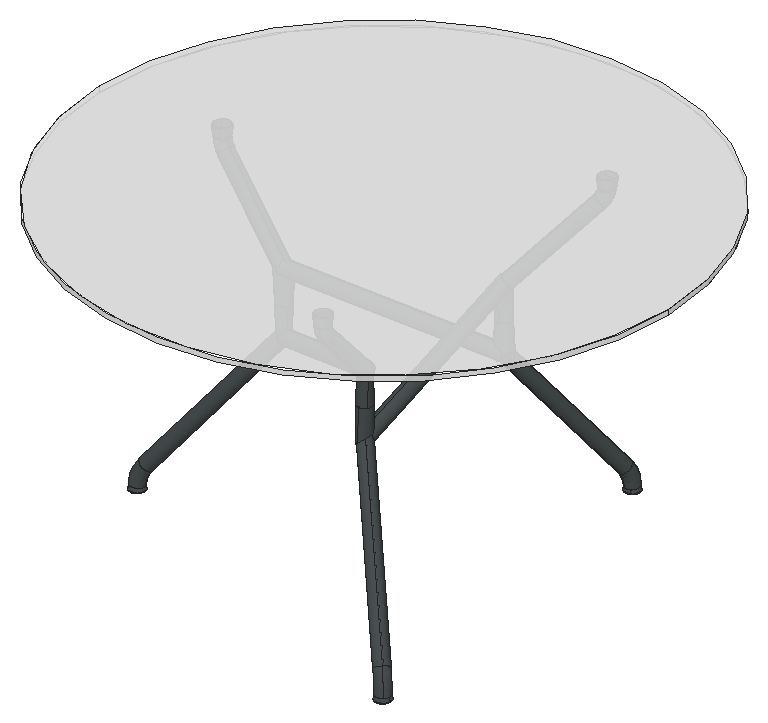
Revit family "Haworth_Branch_Table_RoundSmall", category Furniture, Revit 2018
Family settings
  OmniClass Number = 23.40.70.14.64.21
  OmniClass Title = Systems Furniture
  Work Plane-Based = No
  Always vertical = Yes
  Cut with Voids When Loaded = No
  Shared = No
  Room Calculation Point = No
Parameters (values of type "HCCE-BRSG - 51dia")
  Warranty = "http://www.haworth.com/resources/product-info/warranties"
  URL - Product = "https://www.haworth.com/na/en/products/collaborative-conference/branch.html"
  Top Finish [instance] = Haworth _ Glass _ Frosted
  Radius = Actual Width / 2  # 25 1/2"
  Model = "HCCE-BRSG"
  URL = "http://www.haworth.com/our-brands/haworth-collection"
  Size = "Verify Final Dim. w/ Haworth"  # constant formula
  Revision Number = "4"  # constant formula
  Standard Height = "29 in."  # constant formula
  Manufacturer = "Haworth"  # constant formula
  Description = "Haworth Branch Table Round Small - 51dia"
  Base Finish [instance] = Haworth _ Paint _ Collection Anthracite
  Author = "Haworth (Hampton)"  # constant formula
  Assembly Code = "E2020200"
  Actual Width = 51"  # constant formula
  Actual Height = 28 1/2"  # constant formula
  Table Thickness = 1/2"  # constant formula
  Standard Depths = "51 in."  # constant formula
  Actual Depth = Actual Width  # 51"
Reference planes (in)
  plane 1 "Center F/B": y = -0.15866
  plane 2 "Floor": z = 0
  plane 3 "Center L/R": x = 0
  plane 4 "Table Edge Left": x = -25.5
  plane 5 "Table Edge Right": x = 25.5
  plane 6 "Table Edge Back": y = -25.65866
  plane 7 "Table Edge Front": y = 25.34134
  plane 8 "Table Bottom": z = 28.5
  plane 9 "Table Top Top": z = 29
Forms (in)
  Extrusion 1, solid, material "Haworth _ Glass _ Frosted" <- "Top Finish"
    sketch origin (0, 0, 0) x (1, 0, 0) y (0, 1, 0)
      loop
        circle (0, -0.15866) r 25.5
    from 28.5 to 29
Lines and regions (in)
  Masking region 1
    outline origin (0, 0, 26.75) x (0, -1, 0) y (1, 0, 0)
      loop
        circle (0.15866, 0) r 25.5
  reference lines
    curve 1: circle (0, -0.15866, 0) r 25.5 normal (0, 0, 1)
Dimensions and locks (in)
  "Actual Depth": plane 7 "Table Edge Front" to plane 6 "Table Edge Back"
  "Actual Width": plane 4 "Table Edge Left" to plane 5 "Table Edge Right"
  equal spacing: plane 4 "Table Edge Left", plane 3 "Center L/R", plane 5 "Table Edge Right"
  equal spacing: plane 7 "Table Edge Front", plane 1 "Center F/B", plane 6 "Table Edge Back"
  "Actual Height": plane 8 "Table Bottom" to level
  "Table Thickness": plane 9 "Table Top Top" to plane 8 "Table Bottom"
  "Radius": radius of curve 1
  aligned and locked: Extrusion 1 sketch curve to curve 1
  aligned and locked: Masking region 1 sketch curve to Extrusion 1
  aligned and locked: plane 9 "Table Top Top" to Extrusion 1
  aligned and locked: plane 8 "Table Bottom" to Extrusion 1
  aligned and locked: plane 3 "Center L/R" to nested 1
  aligned and locked: plane 1 "Center F/B" to nested 1
Automatic sketch dimensions
  plane 1 "Center F/B" to curve 1 = 0"
  curve 1 to plane 3 "Center L/R" = 0"
Nested families (in)
  nested 1: "Haworth_Branch-Table-Leg3-Part" at (0, 0, 0), type "Base"
Definition of nested family "Haworth_Branch-Table-Leg3-Part"
  Parameters
    Warranty = "http://haworthcollection.com/hc/about-us/certifications-warranties"
    Sustainability Info = "www.haworth.com/en-us/About-Us/Sustainability/Pages/Vision.aspx"
    Support Location Offset Right = 4 125/256"  # constant formula
    Support Location Offset Left = 8 249/256"  # constant formula
    Support Location Offset = 7 203/256"  # constant formula
    Support Finish = none
    Product Page URL = "http://haworthcollection.com/hc/products/tables-conference/branch"
    Model = "Haworth_Branch-Table-Leg3-Part"  # constant formula
    URL = "http://haworthcollection.com/"
    Support Height = 28 1/2"  # constant formula
    Size = "Verify Final Dim. w/ Haworth"  # constant formula
    Revision Number = "1"  # constant formula
    Manufacturer = "Haworth"  # constant formula
    Description = "Haworth_Branch-Table-Leg3-Part"
    Author = "Haworth (Hampton)"  # constant formula
    Assembly Code = "E2020200"
    Actual Width = 51"  # constant formula
    Actual Height = 28 3/4"  # constant formula
    Actual Depth = Actual Width  # 51"
  Reference planes (in)
    plane 1 "Center F/B": y = -0.15866
    plane 2 "Floor": z = 0
    plane 3 "Center L/R": x = 0
    plane 4 "Table Edge Left": x = -25.5
    plane 5 "Table Edge Right": x = 25.5
    plane 6 "Table Bottom": z = 28.75
    plane 7 "Diagonal LR": through (0, -0.15866, 48) normal (-0.7071, 0.7071, 0)
    plane 8 "Diagonal RL": through (0, -0.15866, 48) normal (-0.7071, -0.7071, 0)
    plane 9 "Support Back": y = 7.63431
    plane 10 "Support Front": y = -7.95163
    plane 11 "Support Left": x = -8.97266
    plane 12 "Support Right": x = 4.48828
  Dimensions and locks (in)
    "Actual Width": plane 4 "Table Edge Left" to plane 5 "Table Edge Right"
    equal spacing: plane 4 "Table Edge Left", plane 3 "Center L/R", plane 5 "Table Edge Right"
    "Actual Height": plane 6 "Table Bottom" to level
    "Support Location Offset Left": plane 11 "Support Left" to plane 3 "Center L/R"
    "Support Location Offset Right": plane 3 "Center L/R" to plane 12 "Support Right"
    "Support Location Offset": plane 9 "Support Back" to plane 1 "Center F/B"
    "Support Location Offset": plane 10 "Support Front" to plane 1 "Center F/B"
    aligned and locked: nested 1 to plane 12 "Support Right"
    aligned and locked: plane 9 "Support Back" to nested 1
  Nested families (in)
    nested 1: "Haworth_Branch-Table-Leg-Part" at (4.32962, -7.95096, 0) x (0, 1, 0) z (0, 0, 1), type "Haworth_Branch-Table-Leg-Part"
    nested 2: "Haworth_Branch-Table-Leg-Part" at (4.56761, 7.49691, 0) x (-0.866, -0.5, 0) z (0, 0, 1), type "Haworth_Branch-Table-Leg-Part"
    nested 3: "Haworth_Branch-Table-Leg-Part" at (-8.92963, -0.02159, 0) x (0.866, -0.5, 0) z (0, 0, 1), type "Haworth_Branch-Table-Leg-Part"
  Definition of nested family "Haworth_Branch-Table-Leg-Part"
    Parameters
      Warranty = "http://haworthcollection.com/hc/about-us/certifications-warranties"
      Support Location_Front_Back = 2 25/32"  # constant formula
      Support Location Offset = 5 3/4"  # constant formula
      Support Finish = none
      Model = "Haworth_Branch-Table-Leg-Part"  # constant formula
      URL = "http://haworthcollection.com/"
      Support Height = 17 59/128"  # constant formula
      Size = "Verify Final Dim. w/ Haworth"  # constant formula
      Revision Number = "1"  # constant formula
      Standard Height = "29 in."  # constant formula
      Manufacturer = "Haworth"  # constant formula
      Description = "Haworth_Branch-Table-Leg-Part"
      Author = "Haworth (Hampton)"  # constant formula
      Assembly Code = "E2020200"
      Actual Width = 28 39/64"  # constant formula
      Actual Height = 28 129/256"  # constant formula
      Actual Depth = 7 119/128"  # constant formula
    Reference planes (in)
      plane 1 "Center F/B": y = -0.15866
      plane 2 "Floor": z = 0
      plane 3 "Support Left Middle": x = 0
      plane 4 "Left Bottom": y = -8.08835
      plane 5 "Right Bottom": y = -5.3071
      plane 6 "Support Right Middle": x = 15.58527
      plane 7 "Table Top Bottom": z = 28.50391
      plane 8 "Support Middle Attach": z = 17.46094
      plane 9 "Support Left Bottom": x = -7.88227
      plane 10 "Support Right Top": x = 20.7271
      plane 11 "Bottom Angel": through (0, -0.15866, 48) normal (0.7092, -0.705, 0)
      plane 12 "Top Angel": through (15.58527, -0.15866, 48) normal (0.7076, 0.7067, 0)
      plane 13 "Support Left Middle Bottom": z = 14.40936
      plane 14 "Support Right Middle Top": z = 20.4749
    Forms (in)
      Revolve 1, solid, material <- "Support Finish"
        sketch origin (-7.88227, 0, 0) x (0, 1, 0) y (0, 0, 1)
          loop
            line (-8.08835, 0) -> (-8.08835, 0.39369) -> (-8.58706, 0.39369) -> (-8.63046, 0.3633) -> (-8.76782, 0.02333) -> (-8.74449, 0) -> (-8.08835, 0)
          axis (-8.08835, 0.39369) -> (-8.08835, 0)
        angle from 0 to 360
      Revolve 2, solid, material <- "Support Finish"
        sketch origin (20.7271, 0, 0) x (0, 1, 0) y (0, 0, 1)
          loop
            line (-5.3071, 28.50391) -> (-5.96353, 28.50391) -> (-6.02112, 28.44632) -> (-5.94538, 27.58054) -> (-5.92842, 27.55116) -> (-5.3071, 27.55116) -> (-5.3071, 28.50391)
          axis (-5.3071, 28.50391) -> (-5.3071, 27.55116)
        angle from 0 to 360
      Sweep 3, solid, material <- "Support Finish"
        path origin (0.07933, -0.07885, 0) x (0.704983, 0.709224, 0) y (0, 0, 1)
          loop
            line (0.02251, 14.92599) -> (-10.59575, 2.11742)
            arc (-10.59575, 2.11742) -> (-11.07813, 1.30963) -> (-11.29321, 0.39369) r 3.06996
        profile origin (-3.64765, -3.82825, 8.5217) x (0.542739, 0.546004, -0.638212) y (0.709224, -0.704983, 0)
          loop
            circle (0, 0) r 0.625
      Sweep 4, solid, material <- "Support Finish"
        path origin (7.72322, 7.7134, 0) x (-0.706657, 0.707556, 0) y (0, 0, 1)
          loop
            line (-11.10701, 20.16514) -> (-17.92049, 26.51881)
            arc (-17.92049, 26.51881) -> (-18.25938, 26.98819) -> (-18.3944, 27.55116) r 1.49411
        profile origin (17.97946, -2.55589, 23.34197) x (0.481939, -0.482552, -0.731354) y (0.707556, 0.706657, 0)
          loop
            circle (0, 0) r 0.625
      Sweep 5, solid, material <- "Support Finish"
        path origin (0, -0.15866, 0) x (1, 0, 0) y (0, 0, 1)
          loop
            line (0.11904, 14.74789) -> (15.89148, 20.38637)
        profile origin (8.00526, -0.15866, 17.56713) x (-0.336626, 0, 0.941638) y (0, -1, 0)
          loop
            circle (0, 0) r 0.625
      Blend 6, solid, material <- "Support Finish"
        base sketch origin (0, 0, 14.40936) x (-1, 0, 0) y (0, -1, 0)
          loop
            spline (0.75, 0.15866) -> (0.72444, 0.28807) -> (0.64952, 0.40866) -> (0.53033, 0.51221) -> (0.375, 0.59167) -> (0.19411, 0.64162) -> (0, 0.65866) -> (-0.19411, 0.64162) -> (-0.375, 0.59167) -> (-0.53033, 0.51221) -> (-0.64952, 0.40866) -> (-0.72444, 0.28807) -> (-0.75, 0.15866)
            spline (-0.75, 0.15866) -> (-0.72444, 0.02925) -> (-0.64952, -0.09134) -> (-0.53033, -0.19489) -> (-0.375, -0.27435) -> (-0.19411, -0.3243) -> (0, -0.34134) -> (0.19411, -0.3243) -> (0.375, -0.27435) -> (0.53033, -0.19489) -> (0.64952, -0.09134) -> (0.72444, 0.02925) -> (0.75, 0.15866)
        top sketch origin (0, 0, 14.40936) x (-1, 0, 0) y (0, -1, 0)
          loop
            circle (0, 0.15866) r 0.625
        from 0 to 3.05157
      Blend 7, solid, material <- "Support Finish"
        base sketch origin (0, 0, 0) x (1, 0, 0) y (0, 1, 0)
          loop
            circle (15.58527, -0.15866) r 0.625
        top sketch origin (0, 0, 0) x (1, 0, 0) y (0, 1, 0)
          loop
            spline (16.33527, -0.15866) -> (16.30972, -0.02925) -> (16.23479, 0.09134) -> (16.1156, 0.19489) -> (15.96027, 0.27435) -> (15.77939, 0.3243) -> (15.58527, 0.34134) -> (15.39116, 0.3243) -> (15.21027, 0.27435) -> (15.05494, 0.19489) -> (14.93576, 0.09134) -> (14.86083, -0.02925) -> (14.83527, -0.15866)
            spline (14.83527, -0.15866) -> (14.86083, -0.28807) -> (14.93576, -0.40866) -> (15.05494, -0.51221) -> (15.21027, -0.59167) -> (15.39116, -0.64162) -> (15.58527, -0.65866) -> (15.77939, -0.64162) -> (15.96027, -0.59167) -> (16.1156, -0.51221) -> (16.23479, -0.40866) -> (16.30972, -0.28807) -> (16.33527, -0.15866)
        from 17.46094 to 20.4749
    Cuts and joins
      joined: Sweep 3, Sweep 4, Sweep 5, Blend 6, Blend 7
    Lines and regions (in)
      symbolic lines, detail levels medium+fine
        curve 1: spline (-8.32151, -8.53023, 14.40936) -> (-8.42127, -8.40113, 14.40936) -> (-8.48429, -8.25071, 14.40936) -> (-8.50628, -8.08922, 14.40936) -> (-8.48573, -7.92767, 14.40936) -> (-8.42406, -7.77706, 14.40936) -> (-8.32546, -7.64766, 14.40936) -> (-8.19666, -7.54828, 14.40936) -> (-8.04642, -7.48571, 14.40936) -> (-7.88499, -7.4642, 14.40936) -> (-7.72337, -7.48522, 14.40936) -> (-7.57258, -7.54733, 14.40936) -> (-7.44288, -7.64631, 14.40936)
        curve 2: spline (-7.44288, -7.64631, 14.40936) -> (-7.34313, -7.77541, 14.40936) -> (-7.28011, -7.92583, 14.40936) -> (-7.25812, -8.08732, 14.40936) -> (-7.27866, -8.24888, 14.40936) -> (-7.34033, -8.39949, 14.40936) -> (-7.43893, -8.52889, 14.40936) -> (-7.56774, -8.62826, 14.40936) -> (-7.71798, -8.69083, 14.40936) -> (-7.8794, -8.71234, 14.40936) -> (-8.04102, -8.69133, 14.40936) -> (-8.19182, -8.62921, 14.40936) -> (-8.32151, -8.53023, 14.40936)
        curve 3: arc (0.625, -0.15866, 14.40936) -> (0, 0.46634, 14.40936) -> (-0.625, -0.15866, 14.40936) r 0.625
        curve 4: arc (-0.625, -0.15866, 14.40936) -> (0, -0.78366, 14.40936) -> (0.625, -0.15866, 14.40936) r 0.625
        curve 5: arc (14.96027, -0.15866, 14.40936) -> (15.58527, 0.46634, 14.40936) -> (16.21027, -0.15866, 14.40936) r 0.625
        curve 6: arc (16.21027, -0.15866, 14.40936) -> (15.58527, -0.78366, 14.40936) -> (14.96027, -0.15866, 14.40936) r 0.625
        curve 7: arc (20.7271, -5.96353, 14.40936) -> (20.07067, -5.3071, 14.40936) -> (20.7271, -4.65066, 14.40936) r 0.65644
        curve 8: arc (20.7271, -4.65066, 14.40936) -> (21.38354, -5.3071, 14.40936) -> (20.7271, -5.96353, 14.40936) r 0.65644
        curve 9: line (20.2769, -5.78483, 14.40936) -> (15.13701, -0.59419, 14.40936)
        curve 10: line (16.06474, 0.24227, 14.40936) -> (21.21735, -4.87056, 14.40936)
        curve 11: line (15.58527, 0.46634, 14.40936) -> (0, 0.46634, 14.40936)
        curve 12: line (0, -0.78366, 14.40936) -> (15.58527, -0.78366, 14.40936)
        curve 13: line (0.45145, -0.59088, 14.40936) -> (-7.46803, -8.55361, 14.40936)
        curve 14: line (-8.32541, -7.6476, 14.40936) -> (-0.41238, 0.31099, 14.40936)
    Dimensions and locks (in)
      "Actual Depth": plane 1 "Center F/B" to plane 4 "Left Bottom"
      "Support Location_Front_Back": plane 5 "Right Bottom" to plane 4 "Left Bottom"
      "Support Height": plane 8 "Support Middle Attach" to level
      "Actual Height": plane 7 "Table Top Bottom" to level
      "Actual Width": plane 10 "Support Right Top" to plane 9 "Support Left Bottom"
      Blend 7 sketch curve to Blend 7 sketch curve = 3/4"
      radius of Blend 6 sketch curve = 5/8"
      aligned and locked: Revolve 1 sketch curve to plane 4 "Left Bottom"
      aligned and locked: Revolve 2 sketch curve to plane 5 "Right Bottom"
      aligned and locked: plane 8 "Support Middle Attach" to Blend 6
      aligned and locked: Blend 6 to plane 13 "Support Left Middle Bottom"
      aligned and locked: Blend 7 to plane 14 "Support Right Middle Top"
      aligned and locked: Blend 7 to plane 8 "Support Middle Attach"
    Automatic sketch dimensions
      Revolve 1 sketch curve to level = 0"
      Revolve 1 sketch curve to plane 4 "Left Bottom" = 0"
      Revolve 1 sketch curve to Revolve 1 sketch curve = 0.49871"
      Revolve 1 sketch curve to Revolve 1 sketch curve = 0.0434"
      Revolve 1 sketch curve to Revolve 1 sketch curve = 0.11403"
      level to Revolve 1 sketch curve = 0.02333"
      Revolve 1 sketch curve to Revolve 1 sketch curve = 0.02333"
      Revolve 1 sketch curve to level = 12"
      level to Revolve 1 sketch curve = 0.3633"
      Revolve 1 sketch curve to Revolve 1 sketch curve = 0.39369"
      plane 7 "Table Top Bottom" to Revolve 1 sketch curve = 67 127/256"
      Revolve 2 sketch curve to plane 5 "Right Bottom" = 0"
      Revolve 2 sketch curve to plane 7 "Table Top Bottom" = 0"
      Revolve 2 sketch curve to Revolve 2 sketch curve = 0.62132"
      Revolve 2 sketch curve to Revolve 2 sketch curve = 0.01696"
      Revolve 2 sketch curve to Revolve 2 sketch curve = 0.65644"
      Revolve 2 sketch curve to plane 7 "Table Top Bottom" = 0.05759"
      Revolve 2 sketch curve to Revolve 2 sketch curve = 0.05759"
      Revolve 2 sketch curve to Revolve 2 sketch curve = 0.86577"
      Revolve 2 sketch curve to Revolve 2 sketch curve = 0.02938"
      Revolve 2 sketch curve to level = 12"
      Revolve 2 sketch curve to Revolve 2 sketch curve = 67 127/256"
      level to Sweep 3 sketch curve = 0.39369"
      Sweep 3 sketch curve to Sweep 3 sketch curve = 0.69747"
      level to Sweep 3 sketch curve = 2.11742"
      level to Sweep 3 sketch curve = 0.15813"
      Sweep 3 sketch curve to plane 8 "Support Middle Attach" = 2.53495"
      Sweep 3 sketch curve to Sweep 3 sketch curve = 10.61825"
      Sweep 3 sketch curve to plane 11 "Bottom Angel" = 0"
      Sweep 3 sketch curve to profile plane = 0"
      Sweep 4 sketch curve to plane 7 "Table Top Bottom" = 0.95274"
      Sweep 4 sketch curve to Sweep 4 sketch curve = 0.47391"
      Sweep 4 sketch curve to plane 7 "Table Top Bottom" = 1.9851"
      Sweep 4 sketch curve to Sweep 4 sketch curve = 1.01898"
      plane 8 "Support Middle Attach" to Sweep 4 sketch curve = 2.7042"
      Sweep 4 sketch curve to Sweep 4 sketch curve = 6.81347"
      Sweep 4 sketch curve to plane 12 "Top Angel" = 0"
      Sweep 4 sketch curve to profile plane = 0"
      plane 1 "Center F/B" to Sweep 5 sketch curve = 0"
      Sweep 5 sketch curve to profile plane = 0"
      plane 3 "Support Left Middle" to Sweep 5 sketch curve = 0.11904"
      plane 6 "Support Right Middle" to Sweep 5 sketch curve = 0.30621"
      Sweep 5 sketch curve to plane 8 "Support Middle Attach" = 2.71305"
      plane 8 "Support Middle Attach" to Sweep 5 sketch curve = 2.92544"
      plane 1 "Center F/B" to Blend 6 sketch curve = 0"  (x2)
      Blend 6 sketch curve to plane 3 "Support Left Middle" = 0"  (x2)
      Blend 6 sketch curve to Blend 6 sketch curve = 3/4"
      plane 1 "Center F/B" to Blend 7 sketch curve = 0"  (x2)
      Blend 7 sketch curve to plane 6 "Support Right Middle" = 0"  (x2)
      curve 7 to plane 5 "Right Bottom" = 0"
      curve 7 to plane 10 "Support Right Top" = 0"
      plane 1 "Center F/B" to curve 6 = 0"
      curve 12 to plane 6 "Support Right Middle" = 0"
      curve 6 to plane 6 "Support Right Middle" = 0"
      curve 11 to plane 6 "Support Right Middle" = 0"
      curve 11 to plane 3 "Support Left Middle" = 0"
      curve 12 to plane 3 "Support Left Middle" = 0"
      curve 3 to plane 3 "Support Left Middle" = 0"
      plane 11 "Bottom Angel" to curve 1 = 0"
      plane 10 "Support Right Top" to curve 10 = 0.49025"
      curve 9 to plane 10 "Support Right Top" = 0.4502"
      curve 10 to plane 1 "Center F/B" = 0.40092"
      plane 1 "Center F/B" to curve 9 = 0.43553"
      plane 1 "Center F/B" to curve 13 = 0.43222"
      curve 14 to plane 3 "Support Left Middle" = 0.41238"
      plane 9 "Support Left Bottom" to curve 1 = 0.43939"
      plane 9 "Support Left Bottom" to curve 13 = 0.41424"
      plane 9 "Support Left Bottom" to curve 2 = 0.00007"
      curve 14 to plane 9 "Support Left Bottom" = 0.44313"
      curve 14 to curve 1 = 0.00006"
      curve 2 to curve 1 = 0"
      curve 11 to curve 14 = 0.15536"
      plane 5 "Right Bottom" to curve 8 = 0.65644"
      curve 13 to plane 4 "Left Bottom" = 0.46527"
      radius of Sweep 3 sketch curve = 5/8"
      radius of Sweep 4 sketch curve = 5/8"
      radius of Sweep 5 sketch curve = 5/8"
      radius of Blend 7 sketch curve = 5/8"
